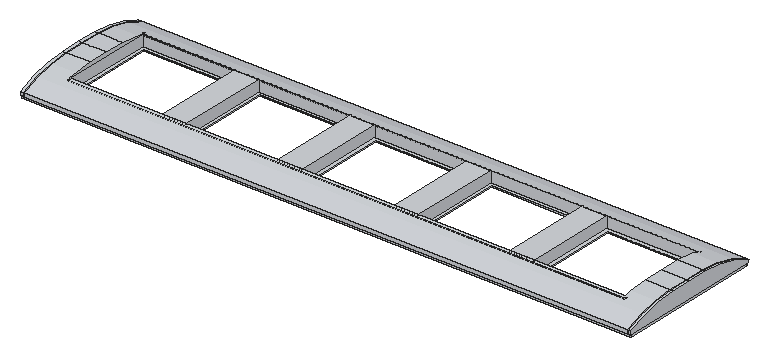
Revit family "Gira_0215803", category Electrical Fixtures, host Face, Revit 2017
Family settings
  Host = Face
  Maintain Annotation Orientation = No
  Round Connector Dimension = Use Diameter
  Part Type = Normal
  Cut with Voids When Loaded = No
  Shared = No
  Room Calculation Point = No
Parameters (values of type "Abdeckrahmen 5f Zwischenr. RW Gira Event Reinweiß")
  Werkstoffgüte = "Thermoplast"
  Werkstoff = "Kunststoff"
  URL = "http://katalog.gira.de/de_DE/datenblatt.html?artikelnr=0215803"
  Transparent = "No"
  Textfeld/Beschriftungsfläche = "No"
  Schutzart (IP) = "IP20"
  Region = "DE"
  Oberfläche = "sonstige"
  Name = "Abdeckrahmen 5f Zwischenr. RW Gira Event Reinweiß"
  Montagerichtung = "horizontal und vertikal"
  Mit Montagerahmen = "No"
  Mit Klappdeckel = "No"
  Manufacturer URL = "https://www.gira.de/"
  Keynote = "Event_Rahmen_5fach"
  HeinzeBIM = "https://bimportal.heinze.de/bim/abdeckrahmen-5f-zwischenr-rw-gira-event-reinweiss/d24a23cf092a5f8a08a1384303aa3f2c50bfe83d"
  Halogenfrei = "Yes"
  HAN = "0215803"
  Geeignet für Unterputz-Installation = "Yes"
  Geeignet für Unterflurkanaldose = "No"
  Geeignet für Geräteeinbaukanal = "No"
  Geeignet für Einbauinstallation = "No"
  GTIN = "4010337070047"
  Farbe = "weiß"
  Default Elevation = 1219.2 mm
  Data sheet (1) = "https://katalog.gira.de/de_DE/download.html?artikelnr=0215803"
  Category = "Abdeckrahmen"
  Befestigungsart = "Klemmbefestigung"
  Available = "Yes"
  Anzahl der Einheiten vertikal = "5 "
  Anzahl der Einheiten horizontal = "5 "
  Anzahl der Einheiten = "5 "
Reference planes
  plane 1 "Center (Front/Back)": y = 0
  plane 2: z = 0
  plane 3 "Center (Left/Right)": x = 0
Forms (mm)
  Extrusion 1, solid, detail levels fine
    sketch origin (0, 0, 0.05) x (0, 1, 0) y (0, 0, 1)
      loop
        arc (12.445, 9.683) -> (6.223, 9.833) -> (0, 9.85) r 291.636
        arc (0, 9.85) -> (-6.223, 9.833) -> (-12.445, 9.683) r 291.636
        arc (-12.445, 9.683) -> (-29.14, 7.482) -> (-45, 1.823) r 79.728
        line (-45, 1.823) -> (-45, -0.05) -> (-42.086, -0.05)
        arc (-42.086, -0.05) -> (-21.385, 5.559) -> (0, 7.206) r 114.424
        arc (0, 7.206) -> (21.385, 5.559) -> (42.086, -0.05) r 114.424
        line (42.086, -0.05) -> (45, -0.05) -> (45, 1.823)
        arc (45, 1.823) -> (29.14, 7.482) -> (12.445, 9.683) r 79.728
    from -185.578 to 185.593
  Extrusion 2, void, detail levels fine
    sketch origin (0, 0, 0) x (1, 0, 0) y (0, 1, 0)
      loop
        line (170.607, 28) -> (-170.593, 28) -> (-170.593, -28) -> (170.607, -28) -> (170.607, 28)
    from 0.724 to 11
  Extrusion 3, solid, detail levels coarse
    sketch origin (0, 0, 0) x (1, 0, 0) y (0, 1, 0)
      loop
        line (-187.578, 45) -> (-187.578, -45) -> (187.593, -45) -> (187.593, 45) -> (-187.578, 45)
    from -1.5 to 9.9
  Extrusion 4, solid, detail levels medium
    sketch origin (0, 0, 0.05) x (0, 1, 0) y (0, 0, 1)
      loop
        arc (12.445, 9.683) -> (6.223, 9.833) -> (0, 9.85) r 291.636
        arc (0, 9.85) -> (-6.223, 9.833) -> (-12.445, 9.683) r 291.636
        arc (-12.445, 9.683) -> (-29.14, 7.482) -> (-45, 1.823) r 79.728
        line (-45, 1.823) -> (-45, -0.05) -> (45, -0.05) -> (45, 1.823)
        arc (45, 1.823) -> (29.14, 7.482) -> (12.445, 9.683) r 79.728
    from -187.578 to 187.593
  Extrusion 5, solid, detail levels fine
    sketch origin (-142.578, 0, -1.5) x (0, 1, 0) y (0, 0, -1)
      loop
        line (45, -3.373) -> (45, -1.5) -> (-45, -1.5) -> (-45, -3.373)
        arc (-45, -3.373) -> (-29.14, -9.032) -> (-12.445, -11.233) r 79.728
        arc (-12.445, -11.233) -> (-6.223, -11.383) -> (0, -11.4) r 291.636
        arc (0, -11.4) -> (6.223, -11.383) -> (12.445, -11.233) r 291.636
        arc (12.445, -11.233) -> (29.14, -9.032) -> (45, -3.373) r 79.728
    from 43 to 45
  Extrusion 6, solid, detail levels fine
    sketch origin (0, 0, 0) x (1, 0, 0) y (0, 1, 0)
      loop
        line (-168.493, 25.7) -> (-168.493, -25.7) -> (-116.693, -25.7) -> (-116.693, 25.7) -> (-168.493, 25.7)
      loop
        line (-45.398, -25.7) -> (-45.398, 25.7) -> (-97.198, 25.7) -> (-97.198, -25.7) -> (-45.398, -25.7)
      loop
        line (-171.487, 28.49) -> (-171.487, -28.495)
        spline (-171.487, -28.495) -> (-171.479, -28.625) -> (-171.453, -28.754) -> (-171.411, -28.878) -> (-171.353, -28.995) -> (-171.281, -29.104) -> (-171.194, -29.202) -> (-171.096, -29.288) -> (-170.987, -29.361) -> (-170.87, -29.419) -> (-170.746, -29.461) -> (-170.618, -29.486) -> (-170.487, -29.495)
        line (-170.487, -29.495) -> (170.502, -29.495)
        spline (170.502, -29.495) -> (170.633, -29.486) -> (170.761, -29.461) -> (170.885, -29.419) -> (171.002, -29.361) -> (171.111, -29.288) -> (171.209, -29.202) -> (171.296, -29.104) -> (171.368, -28.995) -> (171.426, -28.878) -> (171.468, -28.754) -> (171.494, -28.625) -> (171.502, -28.495)
        line (171.502, -28.495) -> (171.502, 28.49)
        spline (171.502, 28.49) -> (171.494, 28.62) -> (171.468, 28.748) -> (171.426, 28.872) -> (171.368, 28.99) -> (171.296, 29.098) -> (171.209, 29.197) -> (171.111, 29.283) -> (171.002, 29.356) -> (170.885, 29.413) -> (170.761, 29.456) -> (170.633, 29.481) -> (170.502, 29.49)
        line (170.502, 29.49) -> (-170.487, 29.49)
        spline (-170.487, 29.49) -> (-170.618, 29.481) -> (-170.746, 29.456) -> (-170.87, 29.413) -> (-170.987, 29.356) -> (-171.096, 29.283) -> (-171.194, 29.197) -> (-171.281, 29.098) -> (-171.353, 28.99) -> (-171.411, 28.872) -> (-171.453, 28.748) -> (-171.479, 28.62) -> (-171.487, 28.49)
      loop
        line (25.902, -25.7) -> (25.902, 25.7) -> (-25.898, 25.7) -> (-25.898, -25.7) -> (25.902, -25.7)
      loop
        line (97.207, -25.7) -> (97.207, 25.7) -> (45.407, 25.7) -> (45.407, -25.7) -> (97.207, -25.7)
      loop
        line (168.507, -25.7) -> (168.507, 25.7) -> (116.707, 25.7) -> (116.707, -25.7) -> (168.507, -25.7)
    from 0.1 to 7.3
  Extrusion 7, solid
    sketch origin (0, 0, 0) x (1, 0, 0) y (0, 1, 0)
      loop
        arc (-187.293, -44.218) -> (-187.146, -44.572) -> (-186.793, -44.718) r 0.5
        line (-186.793, -44.718) -> (186.807, -44.718)
        arc (186.807, -44.718) -> (187.161, -44.572) -> (187.307, -44.218) r 0.5
        line (187.307, -44.218) -> (187.307, 44.182)
        arc (187.307, 44.182) -> (187.161, 44.535) -> (186.807, 44.682) r 0.5
        line (186.807, 44.682) -> (-186.793, 44.682)
        arc (-186.793, 44.682) -> (-187.146, 44.535) -> (-187.293, 44.182) r 0.5
        line (-187.293, 44.182) -> (-187.293, -44.218)
      loop
        line (-185.593, 42.982) -> (-185.593, -43.018) -> (185.607, -43.018) -> (185.607, 42.982) -> (-185.593, 42.982)
    from -1.5 to 0.5
  Extrusion 8, solid, detail levels fine
    sketch origin (142.593, 0, -1.5) x (0, 1, 0) y (0, 0, 1)
      loop
        arc (45, 3.373) -> (29.14, 9.032) -> (12.445, 11.233) r 79.728
        arc (12.445, 11.233) -> (6.223, 11.383) -> (0, 11.4) r 291.636
        arc (0, 11.4) -> (-6.223, 11.383) -> (-12.445, 11.233) r 291.636
        arc (-12.445, 11.233) -> (-29.14, 9.032) -> (-45, 3.373) r 79.728
        line (-45, 3.373) -> (-45, 1.5) -> (45, 1.5) -> (45, 3.373)
    from 43 to 45
  Extrusion 9, solid, detail levels medium
    sketch origin (0, 0, 0) x (1, 0, 0) y (0, 1, 0)
      loop
        line (-187.293, -44.718) -> (187.307, -44.718) -> (187.307, 44.682) -> (-187.293, 44.682) -> (-187.293, -44.718)
    from -1.5 to 0.5
  Extrusion 10, solid, detail levels fine
    sketch origin (-105.5, 0, 0) x (1, 0, 0) y (0, 1, 0)
      loop
        line (-8.943, 28.063) -> (-8.943, -27.937) -> (6.057, -27.937) -> (6.057, 28.063) -> (-8.943, 28.063)
    from 0.724 to 7.566
  Extrusion 11, solid, detail levels fine
    sketch origin (-37.085, 0, 0) x (-1, 0, 0) y (0, -1, 0)
      loop
        line (-8.943, -28.063) -> (6.057, -28.063) -> (6.057, 27.937) -> (-8.943, 27.937) -> (-8.943, -28.063)
    from 0.724 to 7.566
  Extrusion 12, solid, detail levels fine
    sketch origin (105.5, 0, 0) x (-1, 0, 0) y (0, -1, 0)
      loop
        line (-8.943, -28.063) -> (6.057, -28.063) -> (6.057, 27.937) -> (-8.943, 27.937) -> (-8.943, -28.063)
    from 0.724 to 7.566
  Extrusion 13, solid, detail levels fine
    sketch origin (37.085, 0, 0) x (1, 0, 0) y (0, 1, 0)
      loop
        line (-8.943, 28.063) -> (-8.943, -27.937) -> (6.057, -27.937) -> (6.057, 28.063) -> (-8.943, 28.063)
    from 0.724 to 7.566
Cuts and joins
  Extrusion 2 cuts Extrusion 1
  Extrusion 2 cuts Extrusion 6
Dimensions and locks
  aligned and locked: plane 2 to host face
  aligned and locked: level to host face
